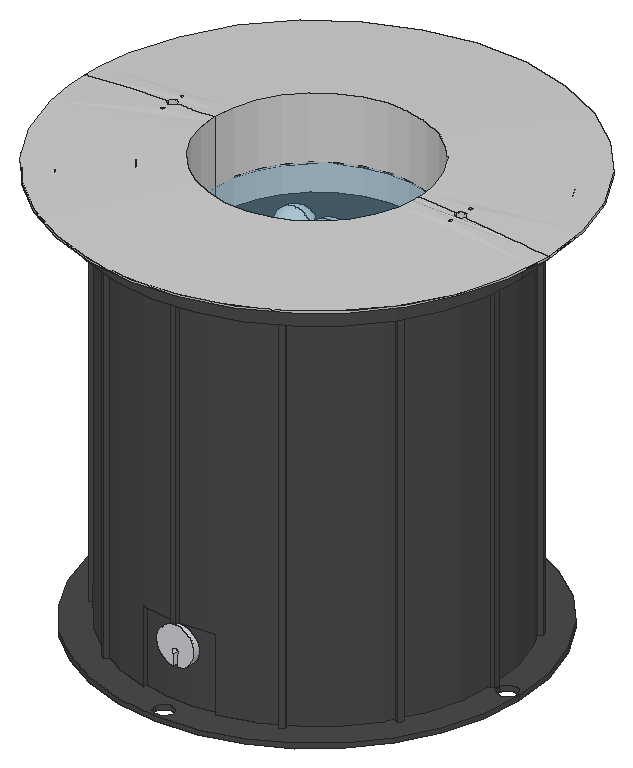
Revit family "DIRIGIBLE 18W_LKBD1259CW", category Luminarias, Revit 2019
Family settings
  Cota de conector redondo = Diámetro de uso
  Tipo de pieza = Normal
  Se basa en plano de trabajo = Sí
  Siempre vertical = No
  Corte con vacíos al cargar = No
  Origen de luz = Sí
  Compartido = No
  Punto de cálculo de habitación = No
Parameters (values of type "EMP_LKBD1259CW")
  Ángulo de inclinación = 100.00°
  Ángulo de enfoque = 30.00°
  Ángulo de campo de foco = 90.00°
  Zone [instance] = ""
  Watt per fixture = 18.2
  Wattage = 18.2 W
  built-in parameter 1150107 = 6000 (stored number, unit not read)
  built-in parameter 1150110 = 1 (stored number, unit not read)
  built-in parameter 1150109 = 1 (stored number, unit not read)
  built-in parameter 1150112 = 1 (stored number, unit not read)
  built-in parameter 1150113 = 1 (stored number, unit not read)
  built-in parameter 1114218 = 1 (stored number, unit not read)
  Keynote = ""
  built-in parameter 1150137 = (empty or 0)
  built-in parameter 1150132 = (empty or 0)
  Modelo = "LKBD1259CW"
  Lámpara = "OSRAM"
  Longitud de símbolo de origen de luz = 500 mm
  built-in parameter 1150105 = 6302.5 (stored number, unit not read)
  built-in parameter 1150102 = (empty or 0)
  built-in parameter 1150106 = 63.025 (stored number, unit not read)
  Lumens = 1884.97 lm
  Color Filter = 16777215
  built-in parameter 1114217 = 1 (stored number, unit not read)
  built-in parameter 1150139 = (empty or 0)
  Fabricante = "BRILLANT"
  Default Elevation = 0 mm
  built-in parameter 1150104 = 9.622 (stored number, unit not read)
  Descripción = "LUMINARIA TIPO CIRCULAR PARA EMPOTRAR EN PISO CON CUERPO DE ALUMINIO FUNDIDO A PRESION CUBIERTO CON POLVO GRIS OSCURO, CON CUBIERTA DE ACERO INOXIDABLE Y VIDRIO TEMPLADO DE 10MM, HOUSING TIPO ABS DE 222MM DE DIAMETRO Y 220MM DE PROFUNDO. CUENTA CON 12 LED OSRAM CON UNA POTENCIA TOTAL DE 18.2W, A UNA TEMPERATURA EN BLANCO FRIO CON 1885 LUMENES, 151mA EN CORRIENTE DE OPERACIÓN, IP67, IK10, IRC 80, DISPONIBLE PARA ATENUAR EN TRIAC (OPCIONAL), APERTURA EN 30 GRADOS DE STOCK, ALIMENTADA A 100-277V"
  built-in parameter 1150115 = 1 (stored number, unit not read)
  built-in parameter 1150114 = 1 (stored number, unit not read)
  Comentarios de vataje = "100-277V"
  built-in parameter 1150138 = (empty or 0)
  built-in parameter 1150134 = 5
  Circuit [instance] = ""
  Dimming Lamp Color Temperature Shift = (empty or 0)
  built-in parameter 1150133 = 10 (stored number, unit not read)
Reference planes
  plane 1 "Centro (Frontal/Posterior)": y = 0
  plane 2: z = 0
  plane 3 "Centro (Izquierda/Derecha)": x = 0
  plane 4: z = -220
  plane 5: z = -128
  plane 6 "PEND": y = 20
  plane 7 "Centro I/E": y = -15
  plane 8: x = -77.5
  plane 9: x = 77.5
  plane 10: x = -105
  plane 11: x = 105
Forms (mm)
  Revolve 1, solid, material "Acero Inoxidable"
    sketch origin (0, 0, 0) x (1, 0, 0) y (0, 0, 1)
      loop
        arc (-55, 4.239) -> (-90.032, 2.649) -> (-125, 0) r 1158.001
        line (-125, 0) -> (-125, -0.88) -> (-76.5, -0.88) -> (-76.5, -172.34) -> (0, -172.34) -> (0, -45.88) -> (-55, -45.88) -> (-55, 4.239)
      axis (0, 4.239) -> (0, -172.34)
    angle from 0 to 360
  Extrusion 2, solid, material "Cristal"
    sketch origin (0, 0, 0) x (1, 0, 0) y (0, 1, 0)
      loop
        circle (0, 0) r 55
    from -29.749 to -28.966
  Extrusion 3, solid, material "Plastico"
    sketch origin (0, 0, 0) x (1, 0, 0) y (0, 1, 0)
      loop
        circle (0, 0) r 10
    from -178.507 to -176.391
  Extrusion 4, solid, material "Cobre"
    sketch origin (0, 0, 0) x (1, 0, 0) y (0, 1, 0)
      loop
        line (12.101, 0) -> (6.051, 10.48) -> (-6.051, 10.48) -> (-12.101, 0) -> (-6.051, -10.48) -> (6.051, -10.48) -> (12.101, 0)
    from -176.391 to -172.578
  Revolve 5, solid, material "Plastico"
    sketch origin (0, 0, 0) x (1, 0, 0) y (0, 0, 1)
      loop
        line (-111, -0.88) -> (-111, -15.267) -> (-94.359, -15.267) -> (-94.359, -217.5) -> (-109, -217.5) -> (-109, -220) -> (-59.637, -220) -> (0, -220) -> (0, -217.5) -> (-91.816, -217.5) -> (-91.816, -12.767) -> (-107.819, -12.767) -> (-107.819, -0.88) -> (-111, -0.88)
      axis (0, -0.88) -> (0, -220)
    angle from 0 to 360
  Extrusion 6, solid, material "Plastico"
    sketch origin (0, 0, 0) x (1, 0, 0) y (0, 1, 0)
      loop
        arc (-98.548, 9) -> (-99.073, 0) -> (-98.548, -9) r 77.503
        line (-98.548, -9) -> (-93.801, -9)
        arc (-93.801, -9) -> (-94.359, 0) -> (-93.801, 9) r 72.79
        line (-93.801, 9) -> (-98.548, 9)
      loop
        line (-9, 99.048) -> (-9, 93.801)
        arc (-9, 93.801) -> (0, 94.359) -> (9, 93.801) r 72.79
        line (9, 93.801) -> (9, 99.048)
        arc (9, 99.048) -> (0, 99.569) -> (-9, 99.048) r 78
      loop
        arc (98.548, -9) -> (99.073, 0) -> (98.548, 9) r 77.503
        line (98.548, 9) -> (93.801, 9)
        arc (93.801, 9) -> (94.359, 0) -> (93.801, -9) r 72.79
        line (93.801, -9) -> (98.548, -9)
      loop
        arc (-9, -101.185) -> (-0.01, -101.878) -> (9, -101.528) r 78
        line (9, -101.528) -> (9, -93.969)
        arc (9, -93.969) -> (-0.01, -94.359) -> (-9, -93.632) r 72.79
        line (-9, -93.632) -> (-9, -101.185)
    from -21.197 to -15.267
  Extrusion 7, void
    sketch origin (0, 0, 0) x (1, 0, 0) y (0, 0, 1)
      loop
        circle (0, -189.936) r 10
    from 91.333 to 95.074
  Extrusion 8, solid, material "Plastico"
    sketch origin (0, 0, 0) x (1, 0, 0) y (0, 0, 1)
      loop
        circle (0, -189.936) r 10
    from 56.286 to 60.059
  Extrusion 9, void
    sketch origin (0, 0, 0) x (1, 0, 0) y (0, 1, 0)
      loop
        circle (-77.5, 6.504) r 0.895
      loop
        circle (-77.5, 0) r 2.557
      loop
        circle (-77.5, -6.504) r 0.895
      loop
        circle (77.5, 6.504) r 0.895
      loop
        circle (77.5, 0) r 2.557
      loop
        circle (77.5, -6.504) r 0.895
    from -3.838 to 7.824
  Extrusion 10, solid, material "Plastico"
    sketch origin (0, 0, 0) x (1, 0, 0) y (0, 1, 0)
      loop
        circle (0, 0) r 55
    from -45.88 to -43.335
  Revolve 11, solid
    sketch origin (21.563, 20, -43.335) x (1, 0, 0) y (0, 0, 1)
      loop
        line (-31.083, 0) -> (-31.083, 5)
        arc (-31.083, 5) -> (-36.083, 3.66) -> (-39.744, 0) r 10
        line (-39.744, 0) -> (-31.083, 0)
      axis (-31.083, 5) -> (-31.083, 0)
    angle from 0 to 360
  Extrusion 12, solid, material "Plastico"
    sketch origin (0, 0, 0) x (1, 0, 0) y (0, 1, 0)
      loop
        line (-94.344, 1.342) -> (-96.717, 1.342) -> (-96.717, -1.342) -> (-94.344, -1.342)
        arc (-94.344, -1.342) -> (-94.359, 0) -> (-94.344, 1.342) r 59.642
      loop
        line (-80.984, 48.42) -> (-83.2, 49.699) -> (-84.543, 47.374) -> (-82.327, 46.094)
        arc (-82.327, 46.094) -> (-81.669, 47.265) -> (-80.984, 48.42) r 59.642
      loop
        line (-46.009, 82.376) -> (-47.181, 84.406) -> (-49.507, 83.063) -> (-48.335, 81.033)
        arc (-48.335, 81.033) -> (-47.18, 81.718) -> (-46.009, 82.376) r 59.642
      loop
        line (1.342, 94.344) -> (1.342, 96.688) -> (-1.342, 96.688) -> (-1.342, 94.344)
        arc (-1.342, 94.344) -> (0, 94.359) -> (1.342, 94.344) r 59.642
      loop
        arc (94.344, 1.342) -> (94.359, 0) -> (94.344, -1.342) r 59.642
        line (94.344, -1.342) -> (96.717, -1.342) -> (96.717, 1.342) -> (94.344, 1.342)
      loop
        arc (80.984, 48.42) -> (81.669, 47.265) -> (82.327, 46.094) r 59.642
        line (82.327, 46.094) -> (84.543, 47.374) -> (83.2, 49.699) -> (80.984, 48.42)
      loop
        arc (46.009, 82.376) -> (47.18, 81.718) -> (48.335, 81.033) r 59.642
        line (48.335, 81.033) -> (49.507, 83.063) -> (47.181, 84.406) -> (46.009, 82.376)
      loop
        arc (-80.984, -48.42) -> (-81.669, -47.265) -> (-82.327, -46.094) r 59.642
        line (-82.327, -46.094) -> (-84.543, -47.374) -> (-83.2, -49.699) -> (-80.984, -48.42)
      loop
        arc (-46.009, -82.376) -> (-47.18, -81.718) -> (-48.335, -81.033) r 59.642
        line (-48.335, -81.033) -> (-49.507, -83.063) -> (-47.181, -84.406) -> (-46.009, -82.376)
      loop
        arc (1.342, -94.344) -> (0, -94.359) -> (-1.342, -94.344) r 59.642
        line (-1.342, -94.344) -> (-1.342, -96.688) -> (1.342, -96.688) -> (1.342, -94.344)
      loop
        line (80.984, -48.42) -> (83.2, -49.699) -> (84.543, -47.374) -> (82.327, -46.094)
        arc (82.327, -46.094) -> (81.669, -47.265) -> (80.984, -48.42) r 59.642
      loop
        line (46.009, -82.376) -> (47.181, -84.406) -> (49.507, -83.063) -> (48.335, -81.033)
        arc (48.335, -81.033) -> (47.18, -81.718) -> (46.009, -82.376) r 59.642
    from -217.5 to -15.267
  Extrusion 13, void
    sketch origin (3.125, 0, 0) x (1, 0, 0) y (0, 1, 0)
      loop
        circle (99.693, 0) r 5
      loop
        circle (-105.943, 0) r 5
      loop
        circle (-3.125, 102.818) r 5
      loop
        circle (-3.125, -102.818) r 5
    from -220 to -217.5
  Extrusion 14, void
    sketch origin (0, -21.569, 0) x (1, 0, 0) y (0, 1, 0)
      loop
        line (-1.342, -72.775) -> (-1.342, -75.119) -> (1.342, -75.119) -> (1.342, -72.775) -> (-1.342, -72.775)
    from -217.5 to -178.507
  Extrusion 15, void
    sketch origin (0, 0, 0) x (1, 0, 0) y (0, 1, 0)
      loop
        arc (-19.48, -92.684) -> (-0.021, -95.491) -> (19.48, -92.988) r 72.79
        line (19.48, -92.988) -> (19.48, -90.158)
        arc (19.48, -90.158) -> (0, -92.813) -> (-19.48, -90.158) r 72.79
        line (-19.48, -90.158) -> (-19.48, -92.684)
    from -217.5 to -178.507
  Extrusion 16, solid
    sketch origin (0, 0, 0) x (1, 0, 0) y (0, 0, 1)
      loop
        arc (1, -199.886) -> (0, -179.936) -> (-1, -199.886) r 10
        line (-1, -199.886) -> (-1, -194.158)
        arc (-1, -194.158) -> (0, -190.986) -> (1, -194.158) r 1.743
        line (1, -194.158) -> (1, -199.886)
    from 90.014 to 95.074
  Revolve 17, solid
    sketch origin (-59.188, 20, -43.335) x (-1, 0, 0) y (0, 0, 1)
      loop
        line (-31.083, 0) -> (-31.083, 5)
        arc (-31.083, 5) -> (-36.083, 3.66) -> (-39.744, 0) r 10
        line (-39.744, 0) -> (-31.083, 0)
      axis (-31.083, 5) -> (-31.083, 0)
    angle from 0 to 360
  Revolve 18, solid
    sketch origin (-21.563, 20, -43.335) x (-1, 0, 0) y (0, 0, 1)
      loop
        line (-31.083, 0) -> (-31.083, 5)
        arc (-31.083, 5) -> (-36.083, 3.66) -> (-39.744, 0) r 10
        line (-39.744, 0) -> (-31.083, 0)
      axis (-31.083, 5) -> (-31.083, 0)
    angle from 0 to 360
  Revolve 19, solid
    sketch origin (59.188, 20, -43.335) x (1, 0, 0) y (0, 0, -1)
      loop
        line (-31.083, 0) -> (-39.744, 0)
        arc (-39.744, 0) -> (-36.083, -3.66) -> (-31.083, -5) r 10
        line (-31.083, -5) -> (-31.083, 0)
      axis (-31.083, -5) -> (-31.083, 0)
    angle from 0 to 360
  Revolve 20, solid
    sketch origin (21.563, 0, -43.335) x (1, 0, 0) y (0, 0, 1)
      loop
        line (-31.083, 0) -> (-31.083, 5)
        arc (-31.083, 5) -> (-36.083, 3.66) -> (-39.744, 0) r 10
        line (-39.744, 0) -> (-31.083, 0)
      axis (-31.083, 5) -> (-31.083, 0)
    angle from 0 to 360
  Revolve 21, solid
    sketch origin (-59.188, 0, -43.335) x (-1, 0, 0) y (0, 0, 1)
      loop
        line (-31.083, 0) -> (-31.083, 5)
        arc (-31.083, 5) -> (-36.083, 3.66) -> (-39.744, 0) r 10
        line (-39.744, 0) -> (-31.083, 0)
      axis (-31.083, 5) -> (-31.083, 0)
    angle from 0 to 360
  Revolve 22, solid
    sketch origin (-21.563, 0, -43.335) x (-1, 0, 0) y (0, 0, 1)
      loop
        line (-31.083, 0) -> (-31.083, 5)
        arc (-31.083, 5) -> (-36.083, 3.66) -> (-39.744, 0) r 10
        line (-39.744, 0) -> (-31.083, 0)
      axis (-31.083, 5) -> (-31.083, 0)
    angle from 0 to 360
  Revolve 23, solid
    sketch origin (59.188, 0, -43.335) x (1, 0, 0) y (0, 0, -1)
      loop
        line (-31.083, 0) -> (-39.744, 0)
        arc (-39.744, 0) -> (-36.083, -3.66) -> (-31.083, -5) r 10
        line (-31.083, -5) -> (-31.083, 0)
      axis (-31.083, -5) -> (-31.083, 0)
    angle from 0 to 360
  Revolve 24, solid
    sketch origin (21.563, -20, -43.335) x (1, 0, 0) y (0, 0, 1)
      loop
        line (-31.083, 0) -> (-31.083, 5)
        arc (-31.083, 5) -> (-36.083, 3.66) -> (-39.744, 0) r 10
        line (-39.744, 0) -> (-31.083, 0)
      axis (-31.083, 5) -> (-31.083, 0)
    angle from 0 to 360
  Revolve 25, solid
    sketch origin (-59.188, -20, -43.335) x (-1, 0, 0) y (0, 0, -1)
      loop
        line (-31.083, 0) -> (-39.744, 0)
        arc (-39.744, 0) -> (-36.083, -3.66) -> (-31.083, -5) r 10
        line (-31.083, -5) -> (-31.083, 0)
      axis (-31.083, -5) -> (-31.083, 0)
    angle from 0 to 360
  Revolve 26, solid
    sketch origin (-21.563, -20, -43.335) x (-1, 0, 0) y (0, 0, -1)
      loop
        line (-31.083, 0) -> (-39.744, 0)
        arc (-39.744, 0) -> (-36.083, -3.66) -> (-31.083, -5) r 10
        line (-31.083, -5) -> (-31.083, 0)
      axis (-31.083, -5) -> (-31.083, 0)
    angle from 0 to 360
  Revolve 27, solid
    sketch origin (59.188, -20, -43.335) x (1, 0, 0) y (0, 0, 1)
      loop
        line (-31.083, 0) -> (-31.083, 5)
        arc (-31.083, 5) -> (-36.083, 3.66) -> (-39.744, 0) r 10
        line (-39.744, 0) -> (-31.083, 0)
      axis (-31.083, 5) -> (-31.083, 0)
    angle from 0 to 360
Cuts and joins
  Extrusion 13, Extrusion 15 cuts Revolve 5
  Extrusion 9, Extrusion 13, Extrusion 14, Extrusion 15 cuts Revolve 1
  Extrusion 14 cuts Extrusion 12
Dimensions and locks
  plane 2 to plane 4 = 220 mm
  level to plane 4 = 220 mm
  level to Extrusion 3 = 178.507 mm
  plane 3 "Centro (Izquierda/Derecha)" to Revolve 5 sketch curve = 111 mm
  plane 3 "Centro (Izquierda/Derecha)" to Revolve 5 sketch curve = 109 mm
  Revolve 1 sketch curve to Revolve 1 sketch curve = 76.5 mm
  plane 11 to plane 10 = 210 mm
  plane 3 "Centro (Izquierda/Derecha)" to Revolve 1 sketch curve = 125 mm
  aligned and locked: level to plane 2
Connectors
  electrical at (0, -60.059, -189.936)
    settings: on Extrusion 8, index 1, voltage 277 V, apparent load 0 VA, apparent load phase1 0 VA, apparent load phase2 0 VA, apparent load phase3 0 VA, power factor 1, load classification "Otro", number of poles 1, system type 31, power factor state 1, is connector primary yes, connector utility no, sub classification motor no, connector description ""
